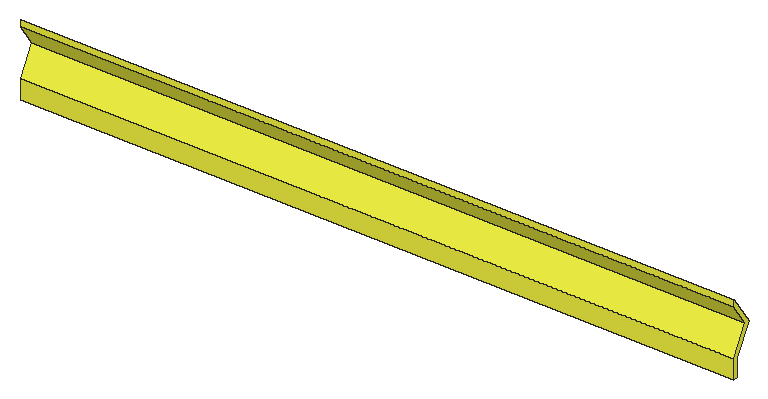
Revit family "Firestop-SpeedFlex-STI-Joint_Profile", category Specialty Equipment, Revit 2026
Family settings
  Round Connector Dimension = Use Diameter
  Part Type = Normal
  Classification Number = 23.20.50.14
  Enable Cutting in Views = No
  Cut with Voids When Loaded = No
  Maintain Annotation Orientation = No
  Shared = No
  Room Calculation Point = No
Parameters (values of type "SFJP40")
  Fiber = Firestopping-STI-Speed-Flex-Joint-Profile
  URL = "http://www.stifirestop.com/"
  Tested Systems = "http://sti.fmpdata.net/system_search.html"
  Product Data = "http://www.stifirestop.com/products/product-selector/speedflex/"
  Model = "SFJP40"
  Manufacturer Phone No. = "800.992.1180"
  Manufacturer Fax No. = "908.526.9623"
  Manufacturer = "Specified Technologies Inc."
  Manufacture Address = "210 Evans Way, Somerville, NJ 08876"
  MSDS = "http://files.systems.stifirestop.com/5.%20Safety%20Data%20Sheet/1.%20English/SDS_SpeedFlex%20Joint%20Profile.pdf"
  Locate Distributor = "http://www.stifirestop.com/"
  built-in parameter 1001306 [instance] = 3' - 4"
  Guide Specification = "http://www.stifirestop.com/technical-library/sti-guide-specs/"
  Green Building/LEED® Information = "http://sti.fmpdata.net/ftp/letters/General_LEED_Letter.pdf"
  General Information = "http://files.systems.stifirestop.com/4.%20Product%20Data%20Sheets/1.%20English/PDS_SpeedFlex%20Joint%20Profile.pdf"
  Fire Rating = ""
  Description = "replaces strips of mineral wool"
  Default Elevation = 0' - 0"
  Contact Technical Service = "http://www.stifirestop.com/contact/"
  Contact Sales = "http://www.stifirestop.com/contact/"
  Assembly Code = "D4030900"
Reference planes (in)
  plane 1 "Center (Front/Back)": y = 0
  plane 2: z = 0
  plane 3 "Left": x = 0
  plane 4 "Right": x = 40
  plane 5: z = -4
  plane 6: z = -3
  plane 7: z = -1.5
  plane 8: y = 1
  plane 9: y = 0.1875
  plane 10: through (0, 1, -1.5) normal (0, 0.8793, -0.4763)
  plane 11: through (0, 0, 0) normal (0, 0.8321, 0.5547)
  plane 12: through (0, -0.21867, 0) normal (0, 0.8321, 0.5547)
  plane 13: through (0, 0.78133, -1.5) normal (0, 0.8793, -0.4763)
Forms (in)
  Extrusion 1, solid, material "Firestopping-STI-Speed-Flex-Joint-Profile"
    sketch origin (0, 0, 0) x (0, 1, 0) y (0, 0, 1)
      loop
        line (0, 0) -> (0, -0.328) -> (0.78133, -1.5) -> (0, -2.94246) -> (0, -4) -> (0.1875, -4) -> (0.1875, -3) -> (1, -1.5) -> (0, 0)
    from 0 to 40
Lines and regions (in)
  reference lines
    curve 1: line (0, 0, 0) -> (40, 0, 0)
  symbolic lines
    curve 2: line (0, 0, 0) -> (40, 0, 0)
    curve 3: line (0, 1, 0) -> (0, 0, 0)
    curve 4: line (40, 1, 0) -> (0, 1, 0)
    curve 5: line (40, 0, 0) -> (40, 1, 0)
Dimensions and locks (in)
  "built-in parameter 1001306": plane 3 "Left" to plane 4 "Right"
  locked: plane 1 "Center (Front/Back)" to plane 9 at 0.1875
  locked: plane 6 to plane 5 at 1
  locked: level to plane 5 at 4
  locked: plane 1 "Center (Front/Back)" to plane 8 at 1
  aligned and locked: plane 4 "Right" to curve 1
  aligned and locked: plane 1 "Center (Front/Back)" to curve 1
  aligned and locked: plane 3 "Left" to curve 1
  aligned and locked: level to plane 2
  aligned and locked: plane 1 "Center (Front/Back)" to Extrusion 1 sketch curve  (x2)
  aligned and locked: Extrusion 1 sketch curve to plane 12
  aligned and locked: Extrusion 1 sketch curve to plane 13
  aligned and locked: Extrusion 1 sketch curve to plane 5
  aligned and locked: Extrusion 1 sketch curve to plane 10  (x2)
  aligned and locked: Extrusion 1 sketch curve to plane 9
  aligned and locked: Extrusion 1 sketch curve to plane 11
  aligned and locked: Extrusion 1 to curve 1
  aligned and locked: Extrusion 1 to plane 3 "Left"
  aligned and locked: curve 2 to curve 1
  aligned and locked: curve 3 to Extrusion 1
  aligned and locked: curve 4 to Extrusion 1
  aligned and locked: curve 5 to Extrusion 1
